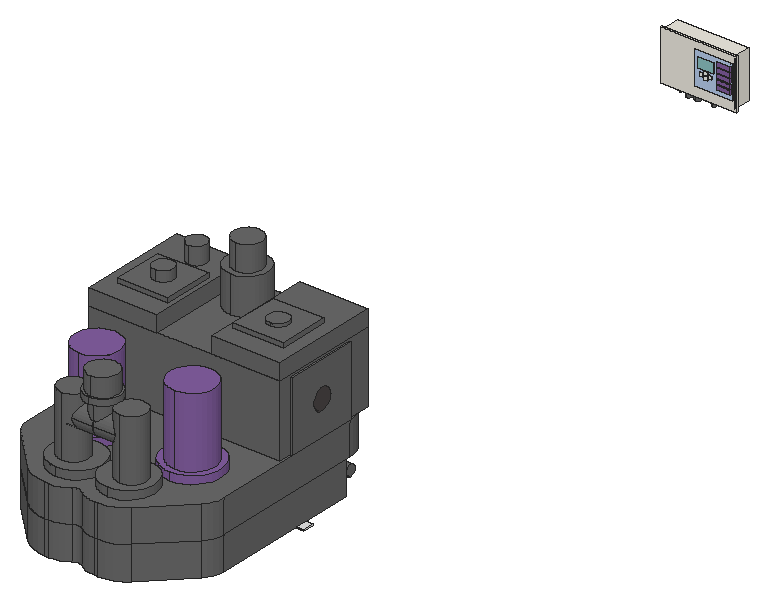
Revit family "11085", category Generic Models, Revit 2021
Family settings
  Can host rebar = No
  Round Connector Dimension = Use Diameter
  Part Type = Normal
  Work Plane-Based = No
  Always vertical = Yes
  Cut with Voids When Loaded = No
  Shared = Yes
  Room Calculation Point = No
Parameters (values of type "11085")
  SUPPLIER = "KESSEL"
  SA700ID49 = "Protection Class I"
  SA700ID48 = "no"
  SA700ID47 = "no"
  SA700ID46 = "yes"
  SA700ID37 = 7000 mm
  SA700ID34 = 38
  SA700ID33 = 1.6 W
  SA700ID32 = 99.93 kg
  SA700ID31 = 1
  SA700ID30 = 2
  SA700ID29 = "RWDR"
  SA700ID21 = 700
  SA700ID10 = "No"
  SA700ID08 = 230 V
  PROCUREWEBLINK = "https://p.caden.as/kessel/11085"
  PROCURELINK = "p.caden.as/kessel/11085"
  PROCUREDATALASTUPDATE = "2024-05-22T12:18:04.592417584+01:00"
  PREVIEW = "../../bilder/ksb_w_11085.png"
  PRC_SPECIFICATIONLINK = "https://ausschreiben.de/catalog/kessel/catalogItem/c6cc6dc8-f4d4-4da9-a8a3-2054d3185c90"
  NN = "Lifting station Aqualift F XL"
  NBSYN = "$SA810ID03."
  NB = "11085"
  Model = "11085"
  Manufacturer = "KESSEL"
  MIdent = "{$CADENAS_DATA/23d-libs/kessel/kessel_vdi_import/4/entwaesserung/hebeanlage20aqualift20f20xl.prj},201 {STYP=ASS},{VTYP=3D},{NB=11085},{LINA=11085},{NN=Lifting station Aqualift F XL},{DATE=21.11.2022 10:48:11},{GEOMDATE=21.11.2022 10:48:11},{VERSION=},{LINEID=160},{WBVAR=LODLEVEL},{WBNUMERIC=LODLEVEL}  {NB=11085},{LINA=11085},{KT=DUMMY},{PREVIEW=../../bilder/ksb_w_11085.png},{SA700ID04=Hebeanlage Aqualift F XL 200 l, Duo, SPF 1400-S1},{SA810ID06=04026092057520},{SA700ID34=38.00},{SA010ID03=201805},{SA810ID03=11085},{SA810ID10=Aqualift F XL 1400W-S1 Duo 200L o.S.KESSEL Aqualift F XL Hebeanlage für fäkalienhaltiges und fäkalienfreies Abwasser. Zur Aufstellung in frostgeschützten Räumen.Duoanlage mit zwei Pumpen des Typs SPF 1400-S1 Sammelbehälter aus Polyethylen, mit verschraubter Reinigungsöffnung,Anschlussstutzen für Zulauf von oben DN100/150.Inklusive Tauchrohr zur pneumatischen Niveauerfassung,Entlüftungsanschluss DN 70 und Anschluss für eine Handmembranpumpe DN 32.Behälter inklusive Haltewinkel zur Auftriebssicherung.Behältervolumen 200 Liter, max. Nutzvolumen bei Zulauf von oben ca. 120 Liter.Zwei seitliche und zwei rückseitige Anbohrflächen zur Montage weiterer Zuläufe bis DN 200 unter Verwendung von Durchgangsdichtungen.Inklusive KESSEL Schaltgerät Aqualift Comfort 230 V.Anwenderfreundliche Menüführung im mehrzeiligem Display. MitSelbstdiagnosesystem (SDS) und Erinnerungsfunktion für nächste Wartung.Anzeige der aktuellen Messwerte. Einfache Einstellung derfunktionsrelevanten Parameter, inklusive Betriebsstundenzähler und Anschlussmöglichkeit für potentialfreien Kontakt. OptionaleWeiterleitung von Alarm- und Sammelstörmeldung über GSM Schnittstelle.Schaltgerät mit Volltextanzeige in sechs Sprachen.Abwasserpumpe(n) mit Freistromrad zur Förderung von fäkalienfreiem und fäkalienhaltigem Abwasser gemäß DIN EN 12050-1. Freier Kugeldurchgang mindestens 40 mm. Pumpe(n) überflutungssicher. Inklusive Rückflussverhinderer, mit Druckabgang aus Kunststoff DN 100. Ohne Absperrschieber.Pumpe(n) Typ SPF 1400-S1Fördermenge: max. 38 m³/hFörderhöhe: max. 7 mNennleistung (P2): 1,1 KW je PumpeAufnahmeleistung (P1): 1,6 KW je PumoeBetriebsspannung: 230 V WSNennfrequenz: 50 HzNennstrom: 7,3 AAbsicherung: 1 x 16 A trägeSchutzart (Pumpe): IP68 3mWS/48hSchutzart (Schaltgerät): IP 65Bertiebsart: S1Kabellänge: 5 mAußenmaße Anlage mit 200 Liter Behälter (BxTxH): 760 x 980 x 770 mmGewicht ca. 99,13 kg},{SA700ID37=7.00},{SA700ID33=1.60},{SA700ID08=230},{SA700ID30=2},{SA700ID32=99.93},{SA700ID49=Schutzklasse I},{SA700ID50=nein},{SA200ID03=6},{SA250ID03=vertikal},{SA260ID03=Trockenläuferpumpe},{SA350ID03=normalansaugend},{SA400ID03=E-Motor für Wechselstrom},{SA460ID03=direkt},{SA500ID03=Kunststoff, Edelstahl},{SA700ID06=100},{SA700ID07=100},{SA700ID09=1/N/PE 230V},{SA700ID10=Nein},{SA700ID11=50},{SA700ID12=IP 68},{SA700ID13=F},{SA700ID15=40},{SA700ID21=700.00},{SA700ID22=1.10},{SA700ID23=1420},{SA700ID24=1420},{SA700ID26=7.30},{SA700ID27=23.00},{SA700ID28=durchgehend},{SA700ID29=RWDR},{SA700ID31=1},{SA700ID46=ja},{SA700ID47=nein},{SA700ID48=nein},{SA110ID04=Hebeanlage Aqualift F XL},{SA300ID03=einstufig},{SA700ID44=10.00},{SA700ID45=10.00},{SA010ID04=KESSEL AG},{LODLEVEL=200},{LINK=https://www.kessel.de/info?han=11085},{SA970ID01=970},{SA970ID02=7136},{SA970ID03=11085},{SA970ID04=11002617},{SA970ID05=QUAD},{SA970ID06=-410},{SA970ID07=-850},{SA970ID08=0},{SA970ID09=1},{SA970ID10=0},{SA970ID11=0},{SA970ID12=0},{SA970ID13=1},{SA970ID14=0},{SA970ID15=820},{SA970ID16=980},{SA970ID17=771},{LODLEVEL_=200,'Low'},{LODLEVEL_DEU=200,'Low'},{LINK_=https://www.kessel.de/info?han=11085},{LINK_DEU=https://www.kessel.de/info?han=11085},{LODLEVEL_3DB=11085_200},{DNIN1=100},{DNIN2=70},{DNIN4=10},{DNIN5=10},{DNIN6=50},{DNIN7=50},{DNIN8=50},{DNIN9=50},{DNOUT1=32},{DNOUT2=100},{DNOUT3=70},{ISD1=96},{ISD2=10},{ISDOUT1=40},{ISDOUT2=70},{ISDOUT3=MIN},{SA010ID01=010},{SA010ID02=4},{SA010ID06=www.kessel.de},{SA010ID07=www.kessel.de},{SA010ID12=20180713},{SA010ID13=DEU},{SA010ID14=DE},{SA100ID01=100},{SA100ID02=4},{SA100ID04=Entwässerung},{SA110ID01=110},{SA110ID02=6},{SA200ID01=200},{SA200ID02=6},{SA250ID01=250},{SA250ID02=2},{SA260ID01=260},{SA260ID02=2},{SA300ID01=300},{SA300ID02=1},{SA350ID01=350},{SA350ID02=1},{SA400ID01=400},{SA400ID02=1},{SA460ID01=460},{SA460ID02=1},{SA500ID01=500},{SA500ID02=1},{SA700ID01=700},{SA700ID02=66},{SA700ID10_=0},{SA700ID16=0},{SA700ID25=0},{SA700ID46_=1},{SA700ID47_=0},{SA700ID48_=0},{SA700ID49_=1},{SA700ID50_=0},{SA800ID01=800},{SA800ID02=30},{SA810ID01=810},{SA810ID02=66},{SA810ID04=11085},{SA810ID07=66},{SA810ID09=1},{SA810ID14=PCE},{SA810ID15=1},{SA810ID16=NMP},{SA960ID03=66},{SA960ID04=3L},{SA960ID08=https://www.kessel.de/info?han=11085},{SA010ID08=4026092000007},{SA100ID05=Hebeanlage},{SA110ID06=Hebeanlage}"
  LINK = "https://www.kessel.de/info?han=11085"
  LINA = "11085"
  Default Elevation = 0 mm
  CREATOR = "CADENAS GmbH"
  CATALOG = "KESSEL"
  BOMINFO = "LINA"
  ARTICLENO = "NB"
  4.810.00.9 Order quantity (multiplicator) = "1"
  4.810.00.7 Media- connection number = "66"
  4.810.00.6 GTIN number = "04026092057520"
  4.810.00.4 DATANORM number = "11085"
  4.810.00.3 Producer order number = "11085"
  4.710.03.7 Mass (net) = 99.93 kg
  4.710.03.6 Height = 788 mm
  4.710.03.5 Width = 760 mm
  4.710.03.4 Length = 980 mm
  4.710.03.3 Type of dimensions = "2"
  4.710.02.8 Area of application of wastewater pump = "1"
  4.710.02.6 Duty type = "S1"
  4.710.02.5 Cutting device = "0"
  4.710.02.4 Attached pump control = "1"
  4.710.02.3 Free passage = 40 mm
  4.710.01.6 Option to connect to building automation = "40"
  4.710.01.5 Load regulation = "0"
  4.710.01.4 Designation of closed-loop control = "120"
  4.710.01.3 Identifier for closed-loop control = "200"
  4.700.00.9 Voltage = 0
  4.700.00.8 Nominal connection size on suction side = "100"
  4.700.00.7 Nominal connection size on pressure side = "100"
  4.700.00.6 Type of connection = "100"
  4.700.00.4 Product indentification = "Hebeanlage Aqualift F XL 200 l, Duo, SPF 1400-S1"
  4.700.00.28 Motor pump shaft = "durchgehend"
  4.700.00.27 Starting current = 23
  4.700.00.26 Maximum power consumption per pump / drive = 7.3
  4.700.00.25 Minimum speed at internal speed adjustment = 0
  4.700.00.24 Nominal speed / maximum speed n = 23.6667
  4.700.00.23 Nominal speed of motor = 23.6667
  4.700.00.22 Maximum shaft output (P2) per pump/drive = 1.1 W
  4.700.00.16 Maximum temperature of pumped medium = 0 °C
  4.700.00.15 Increased safety class = "40 °C"
  4.700.00.13 Type of protection = "F"
  4.700.00.12 Frequency = 0
  4.700.00.11 Stern-/Dreieck-Anlaufschaltung bei Dreiphasenanschluss oder Drehstrom = "50 Hz"
  4.700.00.10 Phase = "0"
  4.500.00.3 Variant / Variant type / Accessories-name = "Kunststoff, Edelstahl"
  4.460.00.3 Variant / Variant type / Accessories-name = "direkt"
  4.400.00.3 Variant / Variant type / Accessories-name = "E-Motor für Wechselstrom"
  4.350.00.3 Variant / Variant type / Accessories-name = "normalansaugend"
  4.300.00.3 Variant / Variant type / Accessories-name = "einstufig"
  4.260.00.3 Variant / Variant type / Accessories-name = "Trockenläuferpumpe"
  4.250.00.3 Variant / Variant type / Accessories-name = "vertikal"
  4.200.00.3 Variant / Variant type / Accessories-name = "6"
  4.110.00.6 Product classification = "Hebeanlage"
  4.110.00.4 Product indentification = "Hebeanlage Aqualift F XL"
  4.100.00.5 Main groups of wares = "Hebeanlage"
  4.100.00.4 Product indentification = "Entwässerung"
  4.010.00.8 Producer ID number = "4026092000007"
  4.010.00.7 Comment = "www.kessel.de"
  4.010.00.6 Web address of the manufacturer = "www.kessel.de"
  4.010.00.4 Manufacturer name = "KESSEL AG"
  4.010.00.3 Date of issuance (month) of guideline = "201805"
  4.010.00.2 Sheet number of the guideline = "4"
  4.010.00.14 Kennungen der Projektländer, für die die Datei gültig ist = "DE"
  4.010.00.13 Sprache der Datei = "DEU"
  4.010.00.12 Stand des Herstellerkatalogs = "20180713"
Reference planes
  plane 1 "Center (Front/Back)": y = 0
  plane 2: z = 0
  plane 3 "Center (Left/Right)": x = 0
Forms (mm)
  Extrusion 1, void
    sketch origin (380.5, -115, 392) x (0, -1, 0) y (0, 0, 1)
      loop
        line (-0.5, -0.5) -> (0.5, -0.5) -> (0.5, 0.5) -> (-0.5, 0.5) -> (-0.5, -0.5)
    from 0 to 1
  Extrusion 2, void
    sketch origin (160.15, 130.5, 392) x (1, 0, 0) y (0, 0, 1)
      loop
        line (-0.5, -0.5) -> (0.5, -0.5) -> (0.5, 0.5) -> (-0.5, 0.5) -> (-0.5, -0.5)
    from 0 to 1
  Extrusion 3, void
    sketch origin (-161, 130.5, 392) x (1, 0, 0) y (0, 0, 1)
      loop
        line (-0.5, -0.5) -> (0.5, -0.5) -> (0.5, 0.5) -> (-0.5, 0.5) -> (-0.5, -0.5)
    from 0 to 1
  Extrusion 4, void
    sketch origin (-380.5, -115, 392) x (0, 1, 0) y (0, 0, 1)
      loop
        line (-0.5, -0.5) -> (0.5, -0.5) -> (0.5, 0.5) -> (-0.5, 0.5) -> (-0.5, -0.5)
    from 0 to 1
Dimensions and locks
  locked: plane 2 to Extrusion 1 at 392.5
  locked: plane 2 to Extrusion 1 at 391.5
  locked: plane 2 to Extrusion 2 at 392.5
  locked: plane 2 to Extrusion 2 at 391.5
  locked: plane 2 to Extrusion 3 at 392.5
  locked: plane 2 to Extrusion 3 at 391.5
  locked: plane 2 to Extrusion 4 at 392.5
  locked: plane 2 to Extrusion 4 at 391.5
  aligned and locked: level to plane 2
Nested families
  nested 1: "11085_content" at (0, 0, 0), type "11085_Content"
  nested 2: "11085_part1_X0Y0" at (1000, 1000, 1200), type "11085_PART1_X0Y0"
  nested 3: "11085_part2_X0Y0" at (0, 0, 0), type "11085_PART2_X0Y0"
Connectors
  electrical at (896, 972.5, 1160.5)
    settings: on nested 2, index 1, voltage 230 V, apparent load 0 VA, apparent load phase1 0 VA, apparent load phase2 0 VA, apparent load phase3 0 VA, power factor 1, load classification "Other", number of poles 3, system type 31, power factor state 1, is connector primary yes, connector utility no, sub classification motor no, connector description ""
  piping at (0, 0, 771), diameter 100
    settings: on nested 3, index 2, connector inside diameter 609.6 mm, connector length 0 mm, flow factor 0, pipe flow 0.0 L/s, pressure drop 0.0 Pa, fitting loss kfactor 0, connector angle 0.00°, fixture units 0, engagement length 0 mm, angle of deflection 0.00°, flow configuration 0, flow direction 1, fitting loss method 2, system type 8, joint type 0, gender type 0, connector reference index -1, connector utility 0, adjustable connector no, is connector primary yes, connector description ""
  piping at (380.5, -115, 392), diameter 70
    settings: on Extrusion 1, index 3, connector inside diameter 609.6 mm, connector length 0 mm, flow factor 0, pipe flow 0.0 L/s, pressure drop 0.0 Pa, fitting loss kfactor 0, connector angle 0.00°, fixture units 0, engagement length 0 mm, angle of deflection 0.00°, flow configuration 0, flow direction 0, fitting loss method 2, system type 8, joint type 0, gender type 0, connector reference index -1, connector utility 0, adjustable connector no, is connector primary no, connector description ""
  piping at (160.15, 130.5, 392), diameter 70
    settings: on Extrusion 2, index 4, connector inside diameter 609.6 mm, connector length 0 mm, flow factor 0, pipe flow 0.0 L/s, pressure drop 0.0 Pa, fitting loss kfactor 0, connector angle 0.00°, fixture units 0, engagement length 0 mm, angle of deflection 0.00°, flow configuration 0, flow direction 0, fitting loss method 2, system type 8, joint type 0, gender type 0, connector reference index -1, connector utility 0, adjustable connector no, is connector primary no, connector description ""
  piping at (-161, 130.5, 392), diameter 70
    settings: on Extrusion 3, index 5, connector inside diameter 609.6 mm, connector length 0 mm, flow factor 0, pipe flow 0.0 L/s, pressure drop 0.0 Pa, fitting loss kfactor 0, connector angle 0.00°, fixture units 0, engagement length 0 mm, angle of deflection 0.00°, flow configuration 0, flow direction 0, fitting loss method 2, system type 8, joint type 0, gender type 0, connector reference index -1, connector utility 0, adjustable connector no, is connector primary no, connector description ""
  piping at (-380.5, -115, 392), diameter 70
    settings: on Extrusion 4, index 6, connector inside diameter 609.6 mm, connector length 0 mm, flow factor 0, pipe flow 0.0 L/s, pressure drop 0.0 Pa, fitting loss kfactor 0, connector angle 0.00°, fixture units 0, engagement length 0 mm, angle of deflection 0.00°, flow configuration 0, flow direction 0, fitting loss method 2, system type 8, joint type 0, gender type 0, connector reference index -1, connector utility 0, adjustable connector no, is connector primary no, connector description ""
  piping at (0, -700, 620), diameter 100
    settings: on nested 3, index 7, connector inside diameter 609.6 mm, connector length 0 mm, flow factor 0, pipe flow 0.0 L/s, pressure drop 0.0 Pa, fitting loss kfactor 0, connector angle 0.00°, fixture units 0, engagement length 0 mm, angle of deflection 0.00°, flow configuration 0, flow direction 2, fitting loss method 2, system type 7, joint type 0, gender type 0, connector reference index -1, connector utility 0, adjustable connector no, is connector primary no, connector description ""
  piping at (-225, 36, 661), diameter 70
    settings: on nested 3, index 8, connector inside diameter 609.6 mm, connector length 0 mm, flow factor 0, pipe flow 0.0 L/s, pressure drop 0.0 Pa, fitting loss kfactor 0, connector angle 0.00°, fixture units 0, engagement length 0 mm, angle of deflection 0.00°, flow configuration 0, flow direction 2, fitting loss method 2, system type 7, joint type 0, gender type 0, connector reference index -1, connector utility 0, adjustable connector no, is connector primary no, connector description ""
  piping at (354.5, 56, 60), diameter 32
    settings: on nested 3, index 9, connector inside diameter 609.6 mm, connector length 0 mm, flow factor 0, pipe flow 0.0 L/s, pressure drop 0.0 Pa, fitting loss kfactor 0, connector angle 0.00°, fixture units 0, engagement length 0 mm, angle of deflection 0.00°, flow configuration 0, flow direction 2, fitting loss method 2, system type 7, joint type 0, gender type 0, connector reference index -1, connector utility 0, adjustable connector no, is connector primary no, connector description ""
  electrical at (185, -497, 557)
    settings: on nested 3, index 10, voltage 0 V, apparent load 0 VA, apparent load phase1 0 VA, apparent load phase2 0 VA, apparent load phase3 0 VA, power factor 1, load classification "Other", number of poles 1, system type 31, power factor state 1, is connector primary no, connector utility no, sub classification motor no, connector description ""
  electrical at (-185, -496.75, 557)
    settings: on nested 3, index 11, voltage 0 V, apparent load 0 VA, apparent load phase1 0 VA, apparent load phase2 0 VA, apparent load phase3 0 VA, power factor 1, load classification "Other", number of poles 1, system type 31, power factor state 1, is connector primary no, connector utility no, sub classification motor no, connector description ""
  electrical at (-222.5, -129, 650)
    settings: on nested 3, index 12, voltage 0 V, apparent load 0 VA, apparent load phase1 0 VA, apparent load phase2 0 VA, apparent load phase3 0 VA, power factor 1, load classification "Other", number of poles 1, system type 31, power factor state 1, is connector primary no, connector utility no, sub classification motor no, connector description ""
Definition of nested family "11085_part1_X0Y0"
  Parameters (values of type "11085_PART1_X0Y0")
    SUPPLIER = "KESSEL"
    SA700ID49 = "Protection Class I"
    SA700ID48 = "no"
    SA700ID47 = "no"
    SA700ID46 = "yes"
    SA700ID37 = 7000 mm
    SA700ID34 = 38
    SA700ID33 = 1.6 W
    SA700ID32 = 99.93 kg
    SA700ID31 = 1
    SA700ID30 = 2
    SA700ID29 = "RWDR"
    SA700ID21 = 700
    SA700ID10 = "No"
    SA700ID08 = 230 V
    PREVIEW = "../../bilder/ksb_w_11085.png"
    NBSYN = "$SA810ID03._PART1"
    NB = "11085_PART1"
    Model = "11085_PART1"
    Manufacturer = "KESSEL"
    MIdent = "{$CADENAS_DATA/23d-libs/kessel/kessel_vdi_import/4/entwaesserung/hebeanlage20aqualift20f20xl.prj},221 {VTYP=3D},{NB=11085_PART1},{LINA=11085_PART1},{NN=Lifting station Aqualift F XL_PART1},{NOPRJ=TRUE},{DATE=21.11.2022 10:48:11},{GEOMDATE=21.11.2022 10:48:11},{VERSION=},{LINEID=160},{WBVAR=LODLEVEL},{WBNUMERIC=LODLEVEL}  {NB=11085_PART1},{LINA=11085_PART1},{KT=DUMMY},{PREVIEW=../../bilder/ksb_w_11085.png},{SA700ID04=Hebeanlage Aqualift F XL 200 l, Duo, SPF 1400-S1},{SA810ID06=04026092057520},{SA700ID34=38.00},{SA010ID03=201805},{SA810ID03=11085},{SA810ID10=Aqualift F XL 1400W-S1 Duo 200L o.S.KESSEL Aqualift F XL Hebeanlage für fäkalienhaltiges und fäkalienfreies Abwasser. Zur Aufstellung in frostgeschützten Räumen.Duoanlage mit zwei Pumpen des Typs SPF 1400-S1 Sammelbehälter aus Polyethylen, mit verschraubter Reinigungsöffnung,Anschlussstutzen für Zulauf von oben DN100/150.Inklusive Tauchrohr zur pneumatischen Niveauerfassung,Entlüftungsanschluss DN 70 und Anschluss für eine Handmembranpumpe DN 32.Behälter inklusive Haltewinkel zur Auftriebssicherung.Behältervolumen 200 Liter, max. Nutzvolumen bei Zulauf von oben ca. 120 Liter.Zwei seitliche und zwei rückseitige Anbohrflächen zur Montage weiterer Zuläufe bis DN 200 unter Verwendung von Durchgangsdichtungen.Inklusive KESSEL Schaltgerät Aqualift Comfort 230 V.Anwenderfreundliche Menüführung im mehrzeiligem Display. MitSelbstdiagnosesystem (SDS) und Erinnerungsfunktion für nächste Wartung.Anzeige der aktuellen Messwerte. Einfache Einstellung derfunktionsrelevanten Parameter, inklusive Betriebsstundenzähler und Anschlussmöglichkeit für potentialfreien Kontakt. OptionaleWeiterleitung von Alarm- und Sammelstörmeldung über GSM Schnittstelle.Schaltgerät mit Volltextanzeige in sechs Sprachen.Abwasserpumpe(n) mit Freistromrad zur Förderung von fäkalienfreiem und fäkalienhaltigem Abwasser gemäß DIN EN 12050-1. Freier Kugeldurchgang mindestens 40 mm. Pumpe(n) überflutungssicher. Inklusive Rückflussverhinderer, mit Druckabgang aus Kunststoff DN 100. Ohne Absperrschieber.Pumpe(n) Typ SPF 1400-S1Fördermenge: max. 38 m³/hFörderhöhe: max. 7 mNennleistung (P2): 1,1 KW je PumpeAufnahmeleistung (P1): 1,6 KW je PumoeBetriebsspannung: 230 V WSNennfrequenz: 50 HzNennstrom: 7,3 AAbsicherung: 1 x 16 A trägeSchutzart (Pumpe): IP68 3mWS/48hSchutzart (Schaltgerät): IP 65Bertiebsart: S1Kabellänge: 5 mAußenmaße Anlage mit 200 Liter Behälter (BxTxH): 760 x 980 x 770 mmGewicht ca. 99,13 kg},{SA700ID37=7.00},{SA700ID33=1.60},{SA700ID08=230},{SA700ID30=2},{SA700ID32=99.93},{SA700ID49=Schutzklasse I},{SA700ID50=nein},{SA200ID03=6},{SA250ID03=vertikal},{SA260ID03=Trockenläuferpumpe},{SA350ID03=normalansaugend},{SA400ID03=E-Motor für Wechselstrom},{SA460ID03=direkt},{SA500ID03=Kunststoff, Edelstahl},{SA700ID06=100},{SA700ID07=100},{SA700ID09=1/N/PE 230V},{SA700ID10=Nein},{SA700ID11=50},{SA700ID12=IP 68},{SA700ID13=F},{SA700ID15=40},{SA700ID21=700.00},{SA700ID22=1.10},{SA700ID23=1420},{SA700ID24=1420},{SA700ID26=7.30},{SA700ID27=23.00},{SA700ID28=durchgehend},{SA700ID29=RWDR},{SA700ID31=1},{SA700ID46=ja},{SA700ID47=nein},{SA700ID48=nein},{SA110ID04=Hebeanlage Aqualift F XL},{SA300ID03=einstufig},{SA700ID44=10.00},{SA700ID45=10.00},{SA010ID04=KESSEL AG},{LODLEVEL=200},{LINK=https://www.kessel.de/info?han=11085},{SA970ID01=970},{SA970ID02=7136},{SA970ID03=11085},{SA970ID04=11002617},{SA970ID05=QUAD},{SA970ID06=-410},{SA970ID07=-850},{SA970ID08=0},{SA970ID09=1},{SA970ID10=0},{SA970ID11=0},{SA970ID12=0},{SA970ID13=1},{SA970ID14=0},{SA970ID15=820},{SA970ID16=980},{SA970ID17=771},{LODLEVEL_=200,'Low'},{LODLEVEL_DEU=200,'Low'},{LINK_=https://www.kessel.de/info?han=11085},{LINK_DEU=https://www.kessel.de/info?han=11085},{LODLEVEL_3DB=11085_200},{DNIN1=100},{DNIN2=70},{DNIN4=10},{DNIN5=10},{DNIN6=50},{DNIN7=50},{DNIN8=50},{DNIN9=50},{DNOUT1=32},{DNOUT2=100},{DNOUT3=70},{ISD1=96},{ISD2=10},{ISDOUT1=40},{ISDOUT2=70},{ISDOUT3=MIN},{SA010ID01=010},{SA010ID02=4},{SA010ID06=www.kessel.de},{SA010ID07=www.kessel.de},{SA010ID12=20180713},{SA010ID13=DEU},{SA010ID14=DE},{SA100ID01=100},{SA100ID02=4},{SA100ID04=Entwässerung},{SA110ID01=110},{SA110ID02=6},{SA200ID01=200},{SA200ID02=6},{SA250ID01=250},{SA250ID02=2},{SA260ID01=260},{SA260ID02=2},{SA300ID01=300},{SA300ID02=1},{SA350ID01=350},{SA350ID02=1},{SA400ID01=400},{SA400ID02=1},{SA460ID01=460},{SA460ID02=1},{SA500ID01=500},{SA500ID02=1},{SA700ID01=700},{SA700ID02=66},{SA700ID10_=0},{SA700ID16=0},{SA700ID25=0},{SA700ID46_=1},{SA700ID47_=0},{SA700ID48_=0},{SA700ID49_=1},{SA700ID50_=0},{SA800ID01=800},{SA800ID02=30},{SA810ID01=810},{SA810ID02=66},{SA810ID04=11085},{SA810ID07=66},{SA810ID09=1},{SA810ID14=PCE},{SA810ID15=1},{SA810ID16=NMP},{SA960ID03=66},{SA960ID04=3L},{SA960ID08=https://www.kessel.de/info?han=11085},{SA010ID08=4026092000007},{SA100ID05=Hebeanlage},{SA110ID06=Hebeanlage}"
    LINK = "https://www.kessel.de/info?han=11085"
    LINA = "11085_PART1"
    Default Elevation = 1219.2 mm
    CREATOR = "CADENAS GmbH"
    CATALOG = "KESSEL"
    BOMINFO = "LINA"
    ARTICLENO = "NB"
    4.810.00.9 Order quantity (multiplicator) = "1"
    4.810.00.7 Media- connection number = "66"
    4.810.00.6 GTIN number = "04026092057520"
    4.810.00.4 DATANORM number = "11085"
    4.810.00.3 Producer order number = "11085"
    4.710.03.7 Mass (net) = 99.93 kg
    4.710.03.6 Height = 788 mm
    4.710.03.5 Width = 760 mm
    4.710.03.4 Length = 980 mm
    4.710.03.3 Type of dimensions = "2"
    4.710.02.8 Area of application of wastewater pump = "1"
    4.710.02.6 Duty type = "S1"
    4.710.02.5 Cutting device = "0"
    4.710.02.4 Attached pump control = "1"
    4.710.02.3 Free passage = 40 mm
    4.710.01.6 Option to connect to building automation = "40"
    4.710.01.5 Load regulation = "0"
    4.710.01.4 Designation of closed-loop control = "120"
    4.710.01.3 Identifier for closed-loop control = "200"
    4.700.00.9 Voltage = 0
    4.700.00.8 Nominal connection size on suction side = "100"
    4.700.00.7 Nominal connection size on pressure side = "100"
    4.700.00.6 Type of connection = "100"
    4.700.00.4 Product indentification = "Hebeanlage Aqualift F XL 200 l, Duo, SPF 1400-S1"
    4.700.00.28 Motor pump shaft = "durchgehend"
    4.700.00.27 Starting current = 23
    4.700.00.26 Maximum power consumption per pump / drive = 7.3
    4.700.00.25 Minimum speed at internal speed adjustment = 0
    4.700.00.24 Nominal speed / maximum speed n = 23.6667
    4.700.00.23 Nominal speed of motor = 23.6667
    4.700.00.22 Maximum shaft output (P2) per pump/drive = 1.1 W
    4.700.00.16 Maximum temperature of pumped medium = 0 °C
    4.700.00.15 Increased safety class = "40 °C"
    4.700.00.13 Type of protection = "F"
    4.700.00.12 Frequency = 0
    4.700.00.11 Stern-/Dreieck-Anlaufschaltung bei Dreiphasenanschluss oder Drehstrom = "50 Hz"
    4.700.00.10 Phase = "0"
    4.500.00.3 Variant / Variant type / Accessories-name = "Kunststoff, Edelstahl"
    4.460.00.3 Variant / Variant type / Accessories-name = "direkt"
    4.400.00.3 Variant / Variant type / Accessories-name = "E-Motor für Wechselstrom"
    4.350.00.3 Variant / Variant type / Accessories-name = "normalansaugend"
    4.300.00.3 Variant / Variant type / Accessories-name = "einstufig"
    4.260.00.3 Variant / Variant type / Accessories-name = "Trockenläuferpumpe"
    4.250.00.3 Variant / Variant type / Accessories-name = "vertikal"
    4.200.00.3 Variant / Variant type / Accessories-name = "6"
    4.110.00.6 Product classification = "Hebeanlage"
    4.110.00.4 Product indentification = "Hebeanlage Aqualift F XL"
    4.100.00.5 Main groups of wares = "Hebeanlage"
    4.100.00.4 Product indentification = "Entwässerung"
    4.010.00.8 Producer ID number = "4026092000007"
    4.010.00.7 Comment = "www.kessel.de"
    4.010.00.6 Web address of the manufacturer = "www.kessel.de"
    4.010.00.4 Manufacturer name = "KESSEL AG"
    4.010.00.3 Date of issuance (month) of guideline = "201805"
    4.010.00.2 Sheet number of the guideline = "4"
    4.010.00.14 Kennungen der Projektländer, für die die Datei gültig ist = "DE"
    4.010.00.13 Sprache der Datei = "DEU"
    4.010.00.12 Stand des Herstellerkatalogs = "20180713"
  Reference planes
    plane 1 "Center (Front/Back)": y = 0
    plane 2: z = 0
    plane 3 "Center (Left/Right)": x = 0
  Dimensions and locks
    aligned and locked: level to plane 2
  Nested families
    nested 1: "11085_part1_content" at (0, 0, 0), type "11085_PART1_Content"
  Definition of nested family "11085_part1_content"
    Parameters (values of type "11085_PART1_Content")
      SUPPLIER = "KESSEL"
      SA700ID49 = "Protection Class I"
      SA700ID48 = "no"
      SA700ID47 = "no"
      SA700ID46 = "yes"
      SA700ID37 = 7000 mm
      SA700ID34 = 38
      SA700ID33 = 1.6 W
      SA700ID32 = 99.93 kg
      SA700ID31 = 1
      SA700ID30 = 2
      SA700ID29 = "RWDR"
      SA700ID21 = 700
      SA700ID10 = "No"
      SA700ID08 = 230 V
      PREVIEW = "../../bilder/ksb_w_11085.png"
      NBSYN = "$SA810ID03._PART1"
      NB = "11085_PART1"
      Model = "11085_PART1"
      Manufacturer = "KESSEL"
      LINK = "https://www.kessel.de/info?han=11085"
      LINA = "11085_PART1"
      Default Elevation = 1219.2 mm
      CREATOR = "CADENAS GmbH"
      CATALOG = "KESSEL"
      BOMINFO = "LINA"
      ARTICLENO = "NB"
      4.810.00.9 Order quantity (multiplicator) = "1"
      4.810.00.7 Media- connection number = "66"
      4.810.00.6 GTIN number = "04026092057520"
      4.810.00.4 DATANORM number = "11085"
      4.810.00.3 Producer order number = "11085"
      4.710.03.7 Mass (net) = 99.93 kg
      4.710.03.6 Height = 788 mm
      4.710.03.5 Width = 760 mm
      4.710.03.4 Length = 980 mm
      4.710.03.3 Type of dimensions = "2"
      4.710.02.8 Area of application of wastewater pump = "1"
      4.710.02.6 Duty type = "S1"
      4.710.02.5 Cutting device = "0"
      4.710.02.4 Attached pump control = "1"
      4.710.02.3 Free passage = 40 mm
      4.710.01.6 Option to connect to building automation = "40"
      4.710.01.5 Load regulation = "0"
      4.710.01.4 Designation of closed-loop control = "120"
      4.710.01.3 Identifier for closed-loop control = "200"
      4.700.00.9 Voltage = 0
      4.700.00.8 Nominal connection size on suction side = "100"
      4.700.00.7 Nominal connection size on pressure side = "100"
      4.700.00.6 Type of connection = "100"
      4.700.00.4 Product indentification = "Hebeanlage Aqualift F XL 200 l, Duo, SPF 1400-S1"
      4.700.00.28 Motor pump shaft = "durchgehend"
      4.700.00.27 Starting current = 23
      4.700.00.26 Maximum power consumption per pump / drive = 7.3
      4.700.00.25 Minimum speed at internal speed adjustment = 0
      4.700.00.24 Nominal speed / maximum speed n = 23.6667
      4.700.00.23 Nominal speed of motor = 23.6667
      4.700.00.22 Maximum shaft output (P2) per pump/drive = 1.1 W
      4.700.00.16 Maximum temperature of pumped medium = 0 °C
      4.700.00.15 Increased safety class = "40 °C"
      4.700.00.13 Type of protection = "F"
      4.700.00.12 Frequency = 0
      4.700.00.11 Stern-/Dreieck-Anlaufschaltung bei Dreiphasenanschluss oder Drehstrom = "50 Hz"
      4.700.00.10 Phase = "0"
      4.500.00.3 Variant / Variant type / Accessories-name = "Kunststoff, Edelstahl"
      4.460.00.3 Variant / Variant type / Accessories-name = "direkt"
      4.400.00.3 Variant / Variant type / Accessories-name = "E-Motor für Wechselstrom"
      4.350.00.3 Variant / Variant type / Accessories-name = "normalansaugend"
      4.300.00.3 Variant / Variant type / Accessories-name = "einstufig"
      4.260.00.3 Variant / Variant type / Accessories-name = "Trockenläuferpumpe"
      4.250.00.3 Variant / Variant type / Accessories-name = "vertikal"
      4.200.00.3 Variant / Variant type / Accessories-name = "6"
      4.110.00.6 Product classification = "Hebeanlage"
      4.110.00.4 Product indentification = "Hebeanlage Aqualift F XL"
      4.100.00.5 Main groups of wares = "Hebeanlage"
      4.100.00.4 Product indentification = "Entwässerung"
      4.010.00.8 Producer ID number = "4026092000007"
      4.010.00.7 Comment = "www.kessel.de"
      4.010.00.6 Web address of the manufacturer = "www.kessel.de"
      4.010.00.4 Manufacturer name = "KESSEL AG"
      4.010.00.3 Date of issuance (month) of guideline = "201805"
      4.010.00.2 Sheet number of the guideline = "4"
      4.010.00.14 Kennungen der Projektländer, für die die Datei gültig ist = "DE"
      4.010.00.13 Sprache der Datei = "DEU"
      4.010.00.12 Stand des Herstellerkatalogs = "20180713"
    Reference planes
      plane 1 "Center (Front/Back)": y = 0
      plane 2: z = 0
      plane 3 "Center (Left/Right)": x = 0
    Forms (mm)
      Extrusion 1, solid, detail levels medium+fine
        sketch origin (49.8, -68, 72.1) x (0, -1, 0) y (0, 0, 1)
          loop
            line (-0.5, 12) -> (-0.5, 0) -> (1, 0) -> (1, 12) -> (-0.5, 12)
        from 0 to 12
      Extrusion 2, solid, detail levels medium+fine
        sketch origin (129.3, -67, 28.2) x (0, -1, 0) y (0, 0, 1)
          loop
            line (-0.5, 127) -> (-0.5, 0) -> (1, 0) -> (1, 127) -> (-0.5, 127)
        from 0 to 146
      Extrusion 3, solid, detail levels medium+fine
        sketch origin (33.3, -68, 80.45) x (0, -1, 0) y (0, 0, 1)
          loop
            line (-0.5, 12) -> (-0.5, 0) -> (1, 0) -> (1, 12) -> (-0.5, 12)
        from 0 to 12
      Extrusion 4, solid, detail levels medium+fine
        sketch origin (33.3, -68, 63.95) x (0, -1, 0) y (0, 0, 1)
          loop
            line (-0.5, 12) -> (-0.5, 0) -> (1, 0) -> (1, 12) -> (-0.5, 12)
        from 0 to 12
      Extrusion 5, solid, detail levels medium+fine
        sketch origin (56.3, -68, 95.45) x (0, -1, 0) y (0, 0, 1)
          loop
            line (-0.5, 37) -> (-0.5, 0) -> (1, 0) -> (1, 37) -> (-0.5, 37)
        from 0 to 60
      Extrusion 6, solid, detail levels medium+fine
        sketch origin (121.8, -68, 85.7) x (0, -1, 0) y (0, 0, 1)
          loop
            line (0, 16) -> (0, 0) -> (2, 0) -> (2, 16) -> (0, 16)
        from 0 to 51
      Extrusion 7, solid, detail levels medium+fine
        sketch origin (121.8, -68, 65.7) x (0, -1, 0) y (0, 0, 1)
          loop
            line (0, 16) -> (0, 0) -> (2, 0) -> (2, 16) -> (0, 16)
        from 0 to 51
      Extrusion 8, solid, detail levels medium+fine
        sketch origin (121.8, -68, 105.7) x (0, -1, 0) y (0, 0, 1)
          loop
            line (0, 16) -> (0, 0) -> (2, 0) -> (2, 16) -> (0, 16)
        from 0 to 51
      Extrusion 9, solid, detail levels medium+fine
        sketch origin (16.8, -68, 72.2) x (0, -1, 0) y (0, 0, 1)
          loop
            line (-0.5, 12) -> (-0.5, 0) -> (1, 0) -> (1, 12) -> (-0.5, 12)
        from 0 to 12
      Extrusion 10, solid, detail levels medium+fine
        sketch origin (121.8, -68, 45.7) x (0, -1, 0) y (0, 0, 1)
          loop
            line (0, 16) -> (0, 0) -> (2, 0) -> (2, 16) -> (0, 16)
        from 0 to 51
      Extrusion 11, solid, detail levels medium+fine
        sketch origin (147, -63.5, -7) x (0, -1, 0) y (0, 0, 1)
          loop
            line (0, 194) -> (0, 0) -> (3.5, 0) -> (3.5, 194) -> (0, 194)
        from 0 to 294
      Extrusion 12, solid, detail levels medium+fine
        sketch origin (136.25, 0, 0) x (0, -1, 0) y (0, 0, 1)
          loop
            line (0, 184) -> (0, 0) -> (63.5, 0) -> (63.5, 184) -> (0, 184)
        from 0 to 272.5
      Extrusion 13, solid, detail levels medium+fine
        sketch origin (121.75, -68, 125.75) x (0, -1, 0) y (0, 0, 1)
          loop
            line (0, 16) -> (0, 0) -> (2, 0) -> (2, 16) -> (0, 16)
        from 0 to 51
      Extrusion 14, solid, detail levels medium+fine
        sketch origin (26, -27.5, 0) x (1, 0, 0) y (0, -1, 0)
          loop
            circle (0, 0) r 11
        from 0 to 11
      Extrusion 15, solid, detail levels medium+fine
        sketch origin (26, -27.5, -11) x (1, 0, 0) y (0, -1, 0)
          loop
            circle (0, 0) r 11
        from 0 to 19.8
      Extrusion 16, solid, detail levels medium+fine
        sketch origin (26, -27.5, -30.7) x (1, 0, 0) y (0, -1, 0)
          loop
            circle (0, 0) r 6
        from 0 to 13.75
      Extrusion 17, solid, detail levels medium+fine
        sketch origin (2, -27.5, 0) x (1, 0, 0) y (0, -1, 0)
          loop
            circle (0, 0) r 11
        from 0 to 20
      Extrusion 18, solid, detail levels medium+fine
        sketch origin (2, -27.5, -20) x (1, 0, 0) y (0, -1, 0)
          loop
            circle (0, 0) r 8.65
        from 0 to 9.8
      Extrusion 19, solid, detail levels medium+fine
        sketch origin (-36, -27.5, 0) x (1, 0, 0) y (0, -1, 0)
          loop
            circle (0, 0) r 12
        from 0 to 15
      Extrusion 20, solid, detail levels medium+fine
        sketch origin (-36, -27.5, -15) x (1, 0, 0) y (0, -1, 0)
          loop
            circle (0, 0) r 11.75
        from 0 to 27.1
      Extrusion 21, solid, detail levels medium+fine
        sketch origin (54, -27.5, 0) x (1, 0, 0) y (0, -1, 0)
          loop
            circle (0, 0) r 10
        from 0 to 1.5
      Extrusion 22, solid, detail levels medium+fine
        sketch origin (-70, -27.5, 0) x (1, 0, 0) y (0, -1, 0)
          loop
            circle (0, 0) r 12
        from 0 to 15
      Extrusion 23, solid, detail levels medium+fine
        sketch origin (-70, -27.5, -15) x (1, 0, 0) y (0, -1, 0)
          loop
            circle (0, 0) r 11.75
        from 0 to 27.1
      Extrusion 24, solid, detail levels medium+fine
        sketch origin (82, -27.5, 0) x (1, 0, 0) y (0, -1, 0)
          loop
            circle (0, 0) r 10
        from 0 to 1.5
      Extrusion 25, solid, detail levels medium+fine
        sketch origin (-104, -27.5, 0) x (1, 0, 0) y (0, -1, 0)
          loop
            circle (0, 0) r 10
        from 0 to 9
      Extrusion 26, solid, detail levels medium+fine
        sketch origin (-104, -27.5, -9) x (1, 0, 0) y (0, -1, 0)
          loop
            circle (0, 0) r 11
        from 0 to 20.5
      Extrusion 27, solid, detail levels medium+fine
        sketch origin (-104, -27.5, -29.5) x (1, 0, 0) y (0, -1, 0)
          loop
            circle (0, 0) r 3
        from 0 to 10
      Extrusion 28, solid, detail levels medium+fine
        sketch origin (110, -27.5, 0) x (1, 0, 0) y (0, -1, 0)
          loop
            circle (0, 0) r 13.5
        from 0 to 1.5
      Extrusion 29, solid, detail levels coarse
        sketch origin (0, -35, -44.45) x (1, 0, 0) y (0, 1, 0)
          loop
            line (-147, -35) -> (147, -35) -> (147, 35) -> (-147, 35) -> (-147, -35)
        from 0 to 231.45
    Dimensions and locks
      aligned and locked: level to plane 2
Definition of nested family "11085_part2_X0Y0"
  Parameters (values of type "11085_PART2_X0Y0")
    SUPPLIER = "KESSEL"
    SA700ID49 = "Protection Class I"
    SA700ID48 = "no"
    SA700ID47 = "no"
    SA700ID46 = "yes"
    SA700ID37 = 7000 mm
    SA700ID34 = 38
    SA700ID33 = 1.6 W
    SA700ID32 = 99.93 kg
    SA700ID31 = 1
    SA700ID30 = 2
    SA700ID29 = "RWDR"
    SA700ID21 = 700
    SA700ID10 = "No"
    SA700ID08 = 230 V
    PREVIEW = "../../bilder/ksb_w_11085.png"
    NBSYN = "$SA810ID03._PART2"
    NB = "11085_PART2"
    Model = "11085_PART2"
    Manufacturer = "KESSEL"
    MIdent = "{$CADENAS_DATA/23d-libs/kessel/kessel_vdi_import/4/entwaesserung/hebeanlage20aqualift20f20xl.prj},221 {VTYP=3D},{NB=11085_PART2},{LINA=11085_PART2},{NN=Lifting station Aqualift F XL_PART2},{NOPRJ=TRUE},{DATE=21.11.2022 10:48:11},{GEOMDATE=21.11.2022 10:48:11},{VERSION=},{LINEID=160},{WBVAR=LODLEVEL},{WBNUMERIC=LODLEVEL}  {NB=11085_PART2},{LINA=11085_PART2},{KT=DUMMY},{PREVIEW=../../bilder/ksb_w_11085.png},{SA700ID04=Hebeanlage Aqualift F XL 200 l, Duo, SPF 1400-S1},{SA810ID06=04026092057520},{SA700ID34=38.00},{SA010ID03=201805},{SA810ID03=11085},{SA810ID10=Aqualift F XL 1400W-S1 Duo 200L o.S.KESSEL Aqualift F XL Hebeanlage für fäkalienhaltiges und fäkalienfreies Abwasser. Zur Aufstellung in frostgeschützten Räumen.Duoanlage mit zwei Pumpen des Typs SPF 1400-S1 Sammelbehälter aus Polyethylen, mit verschraubter Reinigungsöffnung,Anschlussstutzen für Zulauf von oben DN100/150.Inklusive Tauchrohr zur pneumatischen Niveauerfassung,Entlüftungsanschluss DN 70 und Anschluss für eine Handmembranpumpe DN 32.Behälter inklusive Haltewinkel zur Auftriebssicherung.Behältervolumen 200 Liter, max. Nutzvolumen bei Zulauf von oben ca. 120 Liter.Zwei seitliche und zwei rückseitige Anbohrflächen zur Montage weiterer Zuläufe bis DN 200 unter Verwendung von Durchgangsdichtungen.Inklusive KESSEL Schaltgerät Aqualift Comfort 230 V.Anwenderfreundliche Menüführung im mehrzeiligem Display. MitSelbstdiagnosesystem (SDS) und Erinnerungsfunktion für nächste Wartung.Anzeige der aktuellen Messwerte. Einfache Einstellung derfunktionsrelevanten Parameter, inklusive Betriebsstundenzähler und Anschlussmöglichkeit für potentialfreien Kontakt. OptionaleWeiterleitung von Alarm- und Sammelstörmeldung über GSM Schnittstelle.Schaltgerät mit Volltextanzeige in sechs Sprachen.Abwasserpumpe(n) mit Freistromrad zur Förderung von fäkalienfreiem und fäkalienhaltigem Abwasser gemäß DIN EN 12050-1. Freier Kugeldurchgang mindestens 40 mm. Pumpe(n) überflutungssicher. Inklusive Rückflussverhinderer, mit Druckabgang aus Kunststoff DN 100. Ohne Absperrschieber.Pumpe(n) Typ SPF 1400-S1Fördermenge: max. 38 m³/hFörderhöhe: max. 7 mNennleistung (P2): 1,1 KW je PumpeAufnahmeleistung (P1): 1,6 KW je PumoeBetriebsspannung: 230 V WSNennfrequenz: 50 HzNennstrom: 7,3 AAbsicherung: 1 x 16 A trägeSchutzart (Pumpe): IP68 3mWS/48hSchutzart (Schaltgerät): IP 65Bertiebsart: S1Kabellänge: 5 mAußenmaße Anlage mit 200 Liter Behälter (BxTxH): 760 x 980 x 770 mmGewicht ca. 99,13 kg},{SA700ID37=7.00},{SA700ID33=1.60},{SA700ID08=230},{SA700ID30=2},{SA700ID32=99.93},{SA700ID49=Schutzklasse I},{SA700ID50=nein},{SA200ID03=6},{SA250ID03=vertikal},{SA260ID03=Trockenläuferpumpe},{SA350ID03=normalansaugend},{SA400ID03=E-Motor für Wechselstrom},{SA460ID03=direkt},{SA500ID03=Kunststoff, Edelstahl},{SA700ID06=100},{SA700ID07=100},{SA700ID09=1/N/PE 230V},{SA700ID10=Nein},{SA700ID11=50},{SA700ID12=IP 68},{SA700ID13=F},{SA700ID15=40},{SA700ID21=700.00},{SA700ID22=1.10},{SA700ID23=1420},{SA700ID24=1420},{SA700ID26=7.30},{SA700ID27=23.00},{SA700ID28=durchgehend},{SA700ID29=RWDR},{SA700ID31=1},{SA700ID46=ja},{SA700ID47=nein},{SA700ID48=nein},{SA110ID04=Hebeanlage Aqualift F XL},{SA300ID03=einstufig},{SA700ID44=10.00},{SA700ID45=10.00},{SA010ID04=KESSEL AG},{LODLEVEL=200},{LINK=https://www.kessel.de/info?han=11085},{SA970ID01=970},{SA970ID02=7136},{SA970ID03=11085},{SA970ID04=11002617},{SA970ID05=QUAD},{SA970ID06=-410},{SA970ID07=-850},{SA970ID08=0},{SA970ID09=1},{SA970ID10=0},{SA970ID11=0},{SA970ID12=0},{SA970ID13=1},{SA970ID14=0},{SA970ID15=820},{SA970ID16=980},{SA970ID17=771},{LODLEVEL_=200,'Low'},{LODLEVEL_DEU=200,'Low'},{LINK_=https://www.kessel.de/info?han=11085},{LINK_DEU=https://www.kessel.de/info?han=11085},{LODLEVEL_3DB=11085_200},{DNIN1=100},{DNIN2=70},{DNIN4=10},{DNIN5=10},{DNIN6=50},{DNIN7=50},{DNIN8=50},{DNIN9=50},{DNOUT1=32},{DNOUT2=100},{DNOUT3=70},{ISD1=96},{ISD2=10},{ISDOUT1=40},{ISDOUT2=70},{ISDOUT3=MIN},{SA010ID01=010},{SA010ID02=4},{SA010ID06=www.kessel.de},{SA010ID07=www.kessel.de},{SA010ID12=20180713},{SA010ID13=DEU},{SA010ID14=DE},{SA100ID01=100},{SA100ID02=4},{SA100ID04=Entwässerung},{SA110ID01=110},{SA110ID02=6},{SA200ID01=200},{SA200ID02=6},{SA250ID01=250},{SA250ID02=2},{SA260ID01=260},{SA260ID02=2},{SA300ID01=300},{SA300ID02=1},{SA350ID01=350},{SA350ID02=1},{SA400ID01=400},{SA400ID02=1},{SA460ID01=460},{SA460ID02=1},{SA500ID01=500},{SA500ID02=1},{SA700ID01=700},{SA700ID02=66},{SA700ID10_=0},{SA700ID16=0},{SA700ID25=0},{SA700ID46_=1},{SA700ID47_=0},{SA700ID48_=0},{SA700ID49_=1},{SA700ID50_=0},{SA800ID01=800},{SA800ID02=30},{SA810ID01=810},{SA810ID02=66},{SA810ID04=11085},{SA810ID07=66},{SA810ID09=1},{SA810ID14=PCE},{SA810ID15=1},{SA810ID16=NMP},{SA960ID03=66},{SA960ID04=3L},{SA960ID08=https://www.kessel.de/info?han=11085},{SA010ID08=4026092000007},{SA100ID05=Hebeanlage},{SA110ID06=Hebeanlage}"
    LINK = "https://www.kessel.de/info?han=11085"
    LINA = "11085_PART2"
    Default Elevation = 1219.2 mm
    CREATOR = "CADENAS GmbH"
    CATALOG = "KESSEL"
    BOMINFO = "LINA"
    ARTICLENO = "NB"
    4.810.00.9 Order quantity (multiplicator) = "1"
    4.810.00.7 Media- connection number = "66"
    4.810.00.6 GTIN number = "04026092057520"
    4.810.00.4 DATANORM number = "11085"
    4.810.00.3 Producer order number = "11085"
    4.710.03.7 Mass (net) = 99.93 kg
    4.710.03.6 Height = 788 mm
    4.710.03.5 Width = 760 mm
    4.710.03.4 Length = 980 mm
    4.710.03.3 Type of dimensions = "2"
    4.710.02.8 Area of application of wastewater pump = "1"
    4.710.02.6 Duty type = "S1"
    4.710.02.5 Cutting device = "0"
    4.710.02.4 Attached pump control = "1"
    4.710.02.3 Free passage = 40 mm
    4.710.01.6 Option to connect to building automation = "40"
    4.710.01.5 Load regulation = "0"
    4.710.01.4 Designation of closed-loop control = "120"
    4.710.01.3 Identifier for closed-loop control = "200"
    4.700.00.9 Voltage = 0
    4.700.00.8 Nominal connection size on suction side = "100"
    4.700.00.7 Nominal connection size on pressure side = "100"
    4.700.00.6 Type of connection = "100"
    4.700.00.4 Product indentification = "Hebeanlage Aqualift F XL 200 l, Duo, SPF 1400-S1"
    4.700.00.28 Motor pump shaft = "durchgehend"
    4.700.00.27 Starting current = 23
    4.700.00.26 Maximum power consumption per pump / drive = 7.3
    4.700.00.25 Minimum speed at internal speed adjustment = 0
    4.700.00.24 Nominal speed / maximum speed n = 23.6667
    4.700.00.23 Nominal speed of motor = 23.6667
    4.700.00.22 Maximum shaft output (P2) per pump/drive = 1.1 W
    4.700.00.16 Maximum temperature of pumped medium = 0 °C
    4.700.00.15 Increased safety class = "40 °C"
    4.700.00.13 Type of protection = "F"
    4.700.00.12 Frequency = 0
    4.700.00.11 Stern-/Dreieck-Anlaufschaltung bei Dreiphasenanschluss oder Drehstrom = "50 Hz"
    4.700.00.10 Phase = "0"
    4.500.00.3 Variant / Variant type / Accessories-name = "Kunststoff, Edelstahl"
    4.460.00.3 Variant / Variant type / Accessories-name = "direkt"
    4.400.00.3 Variant / Variant type / Accessories-name = "E-Motor für Wechselstrom"
    4.350.00.3 Variant / Variant type / Accessories-name = "normalansaugend"
    4.300.00.3 Variant / Variant type / Accessories-name = "einstufig"
    4.260.00.3 Variant / Variant type / Accessories-name = "Trockenläuferpumpe"
    4.250.00.3 Variant / Variant type / Accessories-name = "vertikal"
    4.200.00.3 Variant / Variant type / Accessories-name = "6"
    4.110.00.6 Product classification = "Hebeanlage"
    4.110.00.4 Product indentification = "Hebeanlage Aqualift F XL"
    4.100.00.5 Main groups of wares = "Hebeanlage"
    4.100.00.4 Product indentification = "Entwässerung"
    4.010.00.8 Producer ID number = "4026092000007"
    4.010.00.7 Comment = "www.kessel.de"
    4.010.00.6 Web address of the manufacturer = "www.kessel.de"
    4.010.00.4 Manufacturer name = "KESSEL AG"
    4.010.00.3 Date of issuance (month) of guideline = "201805"
    4.010.00.2 Sheet number of the guideline = "4"
    4.010.00.14 Kennungen der Projektländer, für die die Datei gültig ist = "DE"
    4.010.00.13 Sprache der Datei = "DEU"
    4.010.00.12 Stand des Herstellerkatalogs = "20180713"
  Reference planes
    plane 1 "Center (Front/Back)": y = 0
    plane 2: z = 0
    plane 3 "Center (Left/Right)": x = 0
  Dimensions and locks
    aligned and locked: level to plane 2
  Nested families
    nested 1: "11085_part2_content" at (0, 0, 0), type "11085_PART2_Content"
  Definition of nested family "11085_part2_content"
    Parameters (values of type "11085_PART2_Content")
      SUPPLIER = "KESSEL"
      SA700ID49 = "Protection Class I"
      SA700ID48 = "no"
      SA700ID47 = "no"
      SA700ID46 = "yes"
      SA700ID37 = 7000 mm
      SA700ID34 = 38
      SA700ID33 = 1.6 W
      SA700ID32 = 99.93 kg
      SA700ID31 = 1
      SA700ID30 = 2
      SA700ID29 = "RWDR"
      SA700ID21 = 700
      SA700ID10 = "No"
      SA700ID08 = 230 V
      PREVIEW = "../../bilder/ksb_w_11085.png"
      NBSYN = "$SA810ID03._PART2"
      NB = "11085_PART2"
      Model = "11085_PART2"
      Manufacturer = "KESSEL"
      LINK = "https://www.kessel.de/info?han=11085"
      LINA = "11085_PART2"
      Default Elevation = 1219.2 mm
      CREATOR = "CADENAS GmbH"
      CATALOG = "KESSEL"
      BOMINFO = "LINA"
      ARTICLENO = "NB"
      4.810.00.9 Order quantity (multiplicator) = "1"
      4.810.00.7 Media- connection number = "66"
      4.810.00.6 GTIN number = "04026092057520"
      4.810.00.4 DATANORM number = "11085"
      4.810.00.3 Producer order number = "11085"
      4.710.03.7 Mass (net) = 99.93 kg
      4.710.03.6 Height = 788 mm
      4.710.03.5 Width = 760 mm
      4.710.03.4 Length = 980 mm
      4.710.03.3 Type of dimensions = "2"
      4.710.02.8 Area of application of wastewater pump = "1"
      4.710.02.6 Duty type = "S1"
      4.710.02.5 Cutting device = "0"
      4.710.02.4 Attached pump control = "1"
      4.710.02.3 Free passage = 40 mm
      4.710.01.6 Option to connect to building automation = "40"
      4.710.01.5 Load regulation = "0"
      4.710.01.4 Designation of closed-loop control = "120"
      4.710.01.3 Identifier for closed-loop control = "200"
      4.700.00.9 Voltage = 0
      4.700.00.8 Nominal connection size on suction side = "100"
      4.700.00.7 Nominal connection size on pressure side = "100"
      4.700.00.6 Type of connection = "100"
      4.700.00.4 Product indentification = "Hebeanlage Aqualift F XL 200 l, Duo, SPF 1400-S1"
      4.700.00.28 Motor pump shaft = "durchgehend"
      4.700.00.27 Starting current = 23
      4.700.00.26 Maximum power consumption per pump / drive = 7.3
      4.700.00.25 Minimum speed at internal speed adjustment = 0
      4.700.00.24 Nominal speed / maximum speed n = 23.6667
      4.700.00.23 Nominal speed of motor = 23.6667
      4.700.00.22 Maximum shaft output (P2) per pump/drive = 1.1 W
      4.700.00.16 Maximum temperature of pumped medium = 0 °C
      4.700.00.15 Increased safety class = "40 °C"
      4.700.00.13 Type of protection = "F"
      4.700.00.12 Frequency = 0
      4.700.00.11 Stern-/Dreieck-Anlaufschaltung bei Dreiphasenanschluss oder Drehstrom = "50 Hz"
      4.700.00.10 Phase = "0"
      4.500.00.3 Variant / Variant type / Accessories-name = "Kunststoff, Edelstahl"
      4.460.00.3 Variant / Variant type / Accessories-name = "direkt"
      4.400.00.3 Variant / Variant type / Accessories-name = "E-Motor für Wechselstrom"
      4.350.00.3 Variant / Variant type / Accessories-name = "normalansaugend"
      4.300.00.3 Variant / Variant type / Accessories-name = "einstufig"
      4.260.00.3 Variant / Variant type / Accessories-name = "Trockenläuferpumpe"
      4.250.00.3 Variant / Variant type / Accessories-name = "vertikal"
      4.200.00.3 Variant / Variant type / Accessories-name = "6"
      4.110.00.6 Product classification = "Hebeanlage"
      4.110.00.4 Product indentification = "Hebeanlage Aqualift F XL"
      4.100.00.5 Main groups of wares = "Hebeanlage"
      4.100.00.4 Product indentification = "Entwässerung"
      4.010.00.8 Producer ID number = "4026092000007"
      4.010.00.7 Comment = "www.kessel.de"
      4.010.00.6 Web address of the manufacturer = "www.kessel.de"
      4.010.00.4 Manufacturer name = "KESSEL AG"
      4.010.00.3 Date of issuance (month) of guideline = "201805"
      4.010.00.2 Sheet number of the guideline = "4"
      4.010.00.14 Kennungen der Projektländer, für die die Datei gültig ist = "DE"
      4.010.00.13 Sprache der Datei = "DEU"
      4.010.00.12 Stand des Herstellerkatalogs = "20180713"
    Reference planes
      plane 1 "Center (Front/Back)": y = 0
      plane 2: z = 0
      plane 3 "Center (Left/Right)": x = 0
    Forms (mm)
      Extrusion 1, solid, detail levels medium+fine
        sketch origin (0, -700, 130.5) x (1, 0, 0) y (0, 1, 0)
          loop
            arc (-379.67, 111.11) -> (-372.064, 72.826) -> (-350.38, 40.37) r 99.994
            line (-350.38, 40.37) -> (-201.01, -108.99)
            arc (-201.01, -108.99) -> (-155.599, -139.342) -> (-102.029, -150) r 139.954
            line (-102.029, -150) -> (-87.172, -150)
            arc (-87.172, -150) -> (-50.741, -143.793) -> (-18.421, -125.871) r 110.009
            arc (-18.421, -125.871) -> (0.33, -119.29) -> (19.081, -125.871) r 30.004
            arc (19.081, -125.871) -> (51.401, -143.793) -> (87.832, -150) r 110.009
            line (87.832, -150) -> (102.68, -150)
            arc (102.68, -150) -> (156.256, -139.343) -> (201.675, -108.995) r 140
            line (201.675, -108.995) -> (351.043, 40.373)
            arc (351.043, 40.373) -> (372.718, 72.813) -> (380.33, 111.079) r 99.994
            line (380.33, 111.079) -> (380.33, 721.05)
            arc (380.33, 721.05) -> (355.602, 786.915) -> (293.62, 820.2) r 100.014
            line (293.62, 820.2) -> (-292.95, 820.2)
            arc (-292.95, 820.2) -> (-354.938, 786.918) -> (-379.67, 721.05) r 100.011
            line (-379.67, 721.05) -> (-379.67, 111.11)
        from 0 to 125.5
      Extrusion 2, solid, detail levels medium+fine
        sketch origin (0, -700, 1) x (1, 0, 0) y (0, 1, 0)
          loop
            arc (-379.67, 111.11) -> (-372.064, 72.826) -> (-350.38, 40.37) r 99.994
            line (-350.38, 40.37) -> (-201.01, -108.99)
            arc (-201.01, -108.99) -> (-155.599, -139.342) -> (-102.029, -150) r 139.954
            line (-102.029, -150) -> (-87.172, -150)
            arc (-87.172, -150) -> (-50.741, -143.793) -> (-18.421, -125.871) r 110.009
            arc (-18.421, -125.871) -> (0.33, -119.29) -> (19.081, -125.871) r 30.004
            arc (19.081, -125.871) -> (51.401, -143.793) -> (87.832, -150) r 110.009
            line (87.832, -150) -> (102.68, -150)
            arc (102.68, -150) -> (156.256, -139.343) -> (201.675, -108.995) r 140
            line (201.675, -108.995) -> (351.043, 40.373)
            arc (351.043, 40.373) -> (372.718, 72.813) -> (380.33, 111.079) r 99.994
            line (380.33, 111.079) -> (380.33, 699.2) -> (271, 699.2) -> (271, 820.2) -> (-292.95, 820.2)
            arc (-292.95, 820.2) -> (-354.938, 786.918) -> (-379.67, 721.05) r 100.011
            line (-379.67, 721.05) -> (-379.67, 111.11)
        from 0 to 129.5
      Extrusion 3, solid, detail levels medium+fine
        sketch origin (185, -497, 256) x (0, 1, 0) y (-1, 0, 0)
          loop
            circle (0, 0) r 110
        from 0 to 30
      Extrusion 4, solid, detail levels medium+fine
        sketch origin (185, -497, 286) x (0, 1, 0) y (-1, 0, 0)
          loop
            circle (0, 0) r 86
        from 0 to 271
      Extrusion 5, solid, detail levels medium+fine
        sketch origin (100, -700, 256) x (0, 1, 0) y (-1, 0, 0)
          loop
            circle (0, 0) r 100
        from 0 to 32
      Extrusion 6, solid, detail levels medium+fine
        sketch origin (112, -700, 288) x (0, 1, 0) y (-1, 0, 0)
          loop
            circle (0, 0) r 56
        from 0 to 234
      Extrusion 7, solid, detail levels medium+fine
        sketch origin (0, -700, 440) x (0, 1, 0) y (0, 0, 1)
          loop
            circle (0, 0) r 48.5
        from 0 to 112
      Extrusion 8, solid, detail levels medium+fine
        sketch origin (0, -700, 440) x (0, 1, 0) y (-1, 0, 0)
          loop
            circle (0, 0) r 45
        from 0 to 87
      Extrusion 9, solid, detail levels medium+fine
        sketch origin (0, -700, 527) x (0, 1, 0) y (-1, 0, 0)
          loop
            circle (0, 0) r 67
        from 0 to 23
      Extrusion 10, solid, detail levels medium+fine
        sketch origin (0, -700, 550) x (0, 1, 0) y (-1, 0, 0)
          loop
            circle (0, 0) r 57
        from 0 to 70
      Extrusion 11, solid, detail levels medium+fine
        sketch origin (0, -700, 440) x (0, -1, 0) y (0, 0, 1)
          loop
            circle (0, 0) r 48.5
        from 0 to 112
      Extrusion 12, solid, detail levels medium+fine
        sketch origin (-112, -700, 288) x (0, -1, 0) y (1, 0, 0)
          loop
            circle (0, 0) r 56
        from 0 to 234
      Extrusion 13, solid, detail levels medium+fine
        sketch origin (-100, -700, 255) x (0, -1, 0) y (1, 0, 0)
          loop
            circle (0, 0) r 100.1
        from 0 to 33
      Extrusion 14, solid, detail levels medium+fine
        sketch origin (-185, -496.75, 256) x (0, 1, 0) y (-1, 0, 0)
          loop
            circle (0, 0) r 110
        from 0 to 30
      Extrusion 15, solid, detail levels medium+fine
        sketch origin (-185, -496.75, 286) x (0, 1, 0) y (-1, 0, 0)
          loop
            circle (0, 0) r 86
        from 0 to 271
      Extrusion 16, solid, detail levels medium+fine
        sketch origin (-370, -305.8, 256) x (0, 1, 0) y (0, 0, 1)
          loop
            line (0, 279) -> (0, 0) -> (425.8, 0) -> (425.8, 279) -> (0, 279)
        from 0 to 740
      Extrusion 17, solid, detail levels medium+fine
        sketch origin (0, 0, 535) x (0, 1, 0) y (-1, 0, 0)
          loop
            circle (0, 0) r 80
        from 0 to 140
      Extrusion 18, solid, detail levels medium+fine
        sketch origin (0, 0, 675) x (0, 1, 0) y (-1, 0, 0)
          loop
            circle (0, 0) r 55
        from 0 to 96
      Extrusion 19, solid, detail levels medium+fine
        sketch origin (19.12, 120, 161) x (0, 1, 0) y (0, 0, 1)
          loop
            line (0, 366.75) -> (0, 0) -> (10, 0) -> (10, 366.75) -> (0, 366.75)
        from 0 to 281.75
      Extrusion 20, solid, detail levels medium+fine
        sketch origin (160.15, 129, 392) x (1, 0, 0) y (0, 0, -1)
          loop
            circle (0, 0) r 40
        from 0 to 1.6
      Extrusion 21, solid, detail levels medium+fine
        sketch origin (-300.88, 120, 161) x (0, 1, 0) y (0, 0, 1)
          loop
            line (0, 366.75) -> (0, 0) -> (10, 0) -> (10, 366.75) -> (0, 366.75)
        from 0 to 281.75
      Extrusion 22, solid, detail levels medium+fine
        sketch origin (-161, 129, 392) x (1, 0, 0) y (0, 0, -1)
          loop
            circle (0, 0) r 40
        from 0 to 1.6
      Extrusion 23, solid, detail levels medium+fine
        sketch origin (-370, -305.8, 535) x (0, 1, 0) y (0, 0, 1)
          loop
            line (0, 61) -> (0, 0) -> (425.8, 0) -> (425.8, 61) -> (0, 61)
        from 0 to 265
      Extrusion 24, solid, detail levels medium+fine
        sketch origin (-320, -226.5, 596) x (0, 1, 0) y (0, 0, 1)
          loop
            line (0, 17) -> (0, 0) -> (195, 0) -> (195, 17) -> (0, 17)
        from 0 to 195
      Extrusion 25, solid, detail levels medium+fine
        sketch origin (-222.5, -129, 613) x (0, 1, 0) y (-1, 0, 0)
          loop
            circle (0, 0) r 38
        from 0 to 37
      Extrusion 26, solid, detail levels medium+fine
        sketch origin (-225, 36, 596) x (0, 1, 0) y (-1, 0, 0)
          loop
            circle (0, 0) r 37.5
        from 0 to 65
      Extrusion 27, solid, detail levels medium+fine
        sketch origin (105, -305.8, 535) x (0, 1, 0) y (0, 0, 1)
          loop
            line (0, 61) -> (0, 0) -> (425.8, 0) -> (425.8, 61) -> (0, 61)
        from 0 to 265
      Extrusion 28, solid, detail levels medium+fine
        sketch origin (125, -226.5, 596) x (0, 1, 0) y (0, 0, 1)
          loop
            line (0, 17) -> (0, 0) -> (195, 0) -> (195, 17) -> (0, 17)
        from 0 to 195
      Extrusion 29, solid, detail levels medium+fine
        sketch origin (222.5, -129, 613) x (0, 1, 0) y (-1, 0, 0)
          loop
            circle (0, 0) r 38
        from 0 to 10
      Extrusion 30, solid, detail levels medium+fine
        sketch origin (369.97, -255.75, 256) x (0, 1, 0) y (0, 0, 1)
          loop
            line (0, 271.75) -> (0, 0) -> (281.75, 0) -> (281.75, 271.75) -> (0, 271.75)
        from 0 to 10
      Extrusion 31, solid, detail levels medium+fine
        sketch origin (379, -115, 392) x (0, -1, 0) y (0, 0, -1)
          loop
            circle (0, 0) r 40
        from 0 to 1.6
      Extrusion 32, solid, detail levels medium+fine
        sketch origin (-379.97, -255.75, 256) x (0, 1, 0) y (0, 0, 1)
          loop
            line (0, 271.75) -> (0, 0) -> (281.75, 0) -> (281.75, 271.75) -> (0, 271.75)
        from 0 to 10
      Extrusion 33, solid, detail levels medium+fine
        sketch origin (-379, -115, 392) x (0, 1, 0) y (0, 0, -1)
          loop
            circle (0, 0) r 40
        from 0 to 1.6
      Extrusion 34, solid, detail levels medium+fine
        sketch origin (379.5, -242.5, 0) x (0, 1, 0) y (0, 0, 1)
          loop
            line (0, 5) -> (0, 0) -> (45, 0) -> (45, 5) -> (0, 5)
        from 0 to 30.5
      Extrusion 35, solid, detail levels medium+fine
        sketch origin (-410, -242.5, 0) x (0, 1, 0) y (0, 0, 1)
          loop
            line (0, 5) -> (0, 0) -> (45, 0) -> (45, 5) -> (0, 5)
        from 0 to 30.5
      Extrusion 36, solid, detail levels medium+fine
        sketch origin (271, 56, 60) x (0, 1, 0) y (0, 0, 1)
          loop
            circle (0, 0) r 20
        from 0 to 83.5
      Extrusion 37, solid, detail levels coarse
        sketch origin (0, -359.7, 0) x (1, 0, 0) y (0, 1, 0)
          loop
            line (-410, -490.3) -> (410, -490.3) -> (410, 490.3) -> (-410, 490.3) -> (-410, -490.3)
        from 0 to 771
    Dimensions and locks
      aligned and locked: level to plane 2
